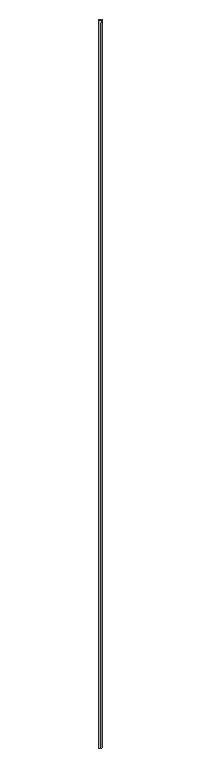
Revit family "TIE ROD 15-6_0230600", category Generic Models, Revit 2018
Family settings
  Can host rebar = No
  Round Connector Dimension = Use Diameter
  Part Type = Normal
  OmniClass Number = 35.51.14.00
  OmniClass Title = FORMWORK
  Work Plane-Based = Yes
  Always vertical = No
  Cut with Voids When Loaded = No
  Shared = Yes
  Room Calculation Point = No
Parameters
  VERSION = "20190101"  # constant formula
  URL = "www.ulmaconstruction.com/en"
  UNICLASS = ""
  ITEM_CODE = "0230600"
  Manufacturer = "ULMA CONSTRUCTION"  # constant formula
  FILTER [instance] = ""
  Default Elevation = 0 mm
  CLASSIFICATION TITLE = ""
  CLASSIFICATION NUMBER = ""
Reference planes
  plane 1 "Centro (Frontal/Posterior)": y = 0
  plane 2: z = 0
  plane 3 "Centro (Izquierda/Derecha)": x = 0
  plane 4 "ITEM_LENGTH": z = 6000
  plane 5 "MIDDLE": z = 3000
Forms (mm)
  Extrusion 1, solid, material "ULMA ZINC", detail levels medium+fine
    sketch origin (0, 0, 0) x (1, 0, 0) y (0, 1, 0)
      loop
        circle (0, 0) r 7.5
    from 0 to 6000
Lines and regions (mm)
  model lines, style "ULMA TIE ROD", detail levels coarse
    curve 1: line (0, 0, 0) -> (0, 0, 6000)
Dimensions and locks
  locked: plane 4 "ITEM_LENGTH" to plane 2 at 6000
  equal spacing: plane 4 "ITEM_LENGTH", plane 5 "MIDDLE", plane 2
  aligned and locked: level to plane 2
  aligned and locked: plane 4 "ITEM_LENGTH" to curve 1
  aligned and locked: plane 2 to curve 1
  aligned and locked: plane 4 "ITEM_LENGTH" to Extrusion 1
Automatic sketch dimensions
  plane 1 "Centro (Frontal/Posterior)" to Extrusion 1 sketch curve = 0 mm
  Extrusion 1 sketch curve to plane 3 "Centro (Izquierda/Derecha)" = 0 mm
  curve 1 to plane 3 "Centro (Izquierda/Derecha)" = 0 mm
  radius of Extrusion 1 sketch curve = 7.5 mm
